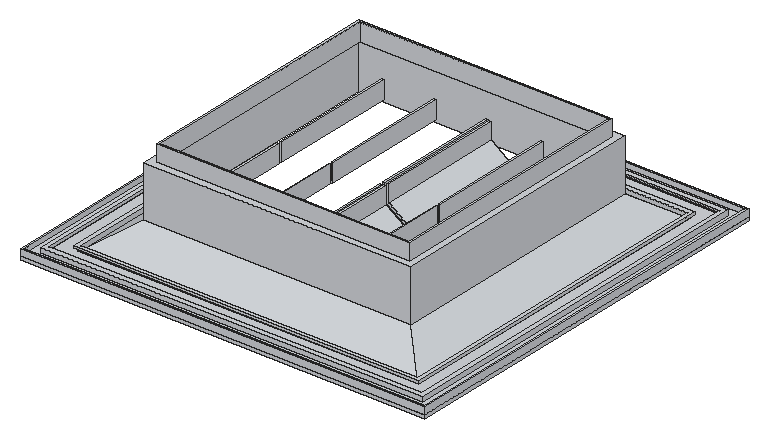
Revit family "QC-MS-2WAY-OPPOSITE", category Generic Models, Revit 2018
Family settings
  Can host rebar = No
  Round Connector Dimension = Use Diameter
  Part Type = Normal
  Work Plane-Based = No
  Always vertical = Yes
  Cut with Voids When Loaded = No
  Shared = No
  Room Calculation Point = No
Parameters (values of type "QC-MS-08X08-2WAY OPPOSITE")
  Thickness = 0' - 0 7/128"  # constant formula
  SPACER = 0' - 1 1/2"  # constant formula
  NOMINAL DUCT WID = 0' - 8"
  NOMINAL DUCT HI = 0' - 8"
  Model = "QC-MS"
  Manufacturer = "ANEMOSTAT PRODUCTS"
  BLADES = 3
  FRAMEGAP = 0' 0 1/4" / 2  # 0' - 0 1/8"
  FACEPLATE = 0' 3 3/4" / 2  # 0' - 1 7/8"
  F9 = 35.20°  # constant formula
  F8 = 0' - 0 49/256"  # constant formula
  F7 = 0' - 0 7/64"  # constant formula
  F6 = 0' - 0 51/256"  # constant formula
  F5 = 0' - 0 133/256"  # constant formula
  F4 = 0' - 1 15/32"  # constant formula
  F3 = 0' - 0 3/4"  # constant formula
  F2 = 0' - 1 9/128"  # constant formula
  F12 = 0' - 0 33/256"  # constant formula
  F11 = 0' - 0 9/32"  # constant formula
  F10 = 0' - 0 25/64"  # constant formula
  F1 = 0' - 1"  # constant formula
  Description = "STEEL MODULAR CORE DIFFUSER W/ LATTICE FACE PLATE"
  BLADE4WUP = QC-BLADE : QC-BLADE
  BLADE4WR = QC-BLADE : QC-BLADE
  BLADE4WLEFT = QC-BLADE : QC-BLADE
  BLADE4WDOWN = QC-BLADE : QC-BLADE
  BLADE4WAY = NOMINAL DUCT HI / 2.15  # 0' - 3.72093"
Types (11): name | NOMINAL DUCT WID | NOMINAL DUCT HI | BLADES | BLADE4WAY
  (no name) | 0' - 8" | 0' - 8" | 3 | 0' - 3.72093"
  QC-MS-06X06-2WAY OPPOSITE | 0' - 6" | 0' - 6" | 2 | 0' - 2.7907"
  QC-MS-08X08-2WAY OPPOSITE | 0' - 8" | 0' - 8" | 3 | 0' - 3.72093"
  QC-MS-10X10-2WAY OPPOSITE | 0' - 10" | 0' - 10" | 3 | 0' - 4.65116"
  QC-MS-12X12-2WAY OPPOSITE | 1' - 0" | 1' - 0" | 4 | 0' - 5.5814"
  QC-MS-14X14-2WAY OPPOSITE | 1' - 2" | 1' - 2" | 4 | 0' - 6.51163"
  QC-MS-16X16-2WAY OPPOSITE | 1' - 4" | 1' - 4" | 5 | 0' - 7.44186"
  QC-MS-18X18-2WAY OPPOSITE | 1' - 6" | 1' - 6" | 6 | 0' - 8.37209"
  QC-MS-20X20-2WAY OPPOSITE | 1' - 8" | 1' - 8" | 6 | 0' - 9.30233"
  QC-MS-22X22-2WAY OPPOSITE | 1' - 10" | 1' - 10" | 7 | 0' - 10.23256"
  QC-MS-24X24-2WAY OPPOSITE | 2' - 0" | 2' - 0" | 8 | 0' - 11.16279"
Reference planes (in)
  plane 1 "Center (Front/Back)": y = 0
  plane 2: z = 0
  plane 3 "Center (Left/Right)": x = 0
  plane 4: x = -4
  plane 5: x = 4
  plane 6: z = 0.75
  plane 7: z = 2.21875
  plane 8: x = -5.07031
  plane 9: x = -6.07031
  plane 10: x = -3.875
  plane 11: x = 3.875
  plane 12: z = 2.73828
  plane 13: x = -3.67578
  plane 14: y = 4
  plane 15: y = -4
  plane 16: y = 3.875
  plane 17: y = -3.875
  plane 18: x = 0.05469
  plane 19: x = -0.05469
  plane 20: y = 0.05469
  plane 21: y = -0.05469
  plane 22: z = 1.46875
Forms (in)
  Extrusion 1, solid
    sketch origin (0, 0, 0) x (1, 0, 0) y (0, 1, 0)
      loop
        line (5.875, 5.875) -> (-5.875, 5.875) -> (-5.875, -5.875) -> (5.875, -5.875) -> (5.875, 5.875)
    from 0 to 0.10938
  Sweep 2, solid
    path in 3D
      loop
        line (-5.875, -5.875, 0.10937) -> (5.875, -5.875, 0.10937) -> (5.875, 5.875, 0.10937) -> (-5.875, 5.875, 0.10937) -> (-5.875, -5.875, 0.10937)
    profile origin (-5.875, 0, 0.10937) x (1, 0, 0) y (0, 0, 1)
      loop
        line (0, 0) -> (1.0078, 0) -> (2.05469, 0.7385) -> (2.05469, 2.20725) -> (2.25391, 2.20725) -> (2.25391, 2.72678) -> (2.19922, 2.72678) -> (2.19922, 2.26194) -> (2, 2.26194) -> (2, 0.76685) -> (0.98437, 0.0504) -> (0.98437, 0.19141) -> (0.85547, 0.19141) -> (0.85547, 0.12679) -> (0.92969, 0.12679) -> (0.92969, 0.05469) -> (0.39062, 0.05469) -> (0.39062, 0.12679) -> (0.46484, 0.12679) -> (0.46484, 0.19141) -> (0.33594, 0.19141) -> (0.33594, 0.05469) -> (0.05469, 0.05469) -> (0.05469, 0.19141) -> (0, 0.19141) -> (0, 0)
  Extrusion 3, void
    sketch origin (0, 0, 0) x (1, 0, 0) y (0, 1, 0)
      loop
        line (-5.01953, 5.01953) -> (-5.01953, -5.01953) -> (5.01953, -5.01953) -> (5.01953, 5.01953) -> (-5.01953, 5.01953)
    from 0 to 0.10938
Cuts and joins
  Extrusion 3 cuts Extrusion 1
  Extrusion 3 cuts Sweep 2
Lines and regions (in)
  sketch lines
    curve 1: line (-5.875, 5.875, 0.10937) -> (-5.875, -5.875, 0.10937)
    curve 2: line (-5.875, -5.875, 0.10937) -> (5.875, -5.875, 0.10937)
    curve 3: line (5.875, -5.875, 0.10937) -> (5.875, 5.875, 0.10937)
    curve 4: line (5.875, 5.875, 0.10937) -> (-5.875, 5.875, 0.10937)
Dimensions and locks (in)
  equal spacing: plane 5, plane 3 "Center (Left/Right)", plane 4
  "NOMINAL DUCT WID": plane 5 to plane 4
  "F3": plane 6 to level
  "F4": plane 7 to plane 6
  "F2": plane 4 to plane 8
  "F1": plane 8 to plane 9
  "FRAMEGAP": plane 10 to plane 4
  "FRAMEGAP": plane 5 to plane 11
  "F5": plane 12 to plane 7
  "F6": plane 13 to plane 10
  equal spacing: plane 14, plane 1 "Center (Front/Back)", plane 15
  "NOMINAL DUCT HI": plane 14 to plane 15
  plane 4 to plane 5 = 0' - 8"
  "FRAMEGAP": plane 14 to plane 16
  "FRAMEGAP": plane 17 to plane 15
  "FACEPLATE": plane 5 to Extrusion 1 sketch curve
  "FACEPLATE": Extrusion 1 sketch curve to plane 15
  "FACEPLATE": Extrusion 1 sketch curve to plane 4
  "FACEPLATE": Extrusion 1 sketch curve to plane 14
  "Thickness": Sweep 2 sketch curve to Sweep 2 sketch curve  (x7)
  "F5": Sweep 2 sketch curve to Sweep 2 sketch curve
  Sweep 2 sketch curve to Sweep 2 sketch curve = 0' - 1 15/32"
  Sweep 2 sketch curve to Extrusion 1 = 0' - 0.7385"
  Sweep 2 sketch curve to Sweep 2 sketch curve = 0' - 0 63/64"
  "F8": Sweep 2 sketch curve to Extrusion 1  (x3)
  "F4": Sweep 2 sketch curve to Sweep 2 sketch curve
  "F2": Sweep 2 sketch curve to Sweep 2 sketch curve
  "Thickness": Sweep 2 sketch curve to Extrusion 1
  "F10": Sweep 2 sketch curve to Sweep 2 sketch curve
  "F11": Sweep 2 sketch curve to Sweep 2 sketch curve
  "F12": Sweep 2 sketch curve to Sweep 2 sketch curve  (x2)
  "F6": Sweep 2 sketch curve to Sweep 2 sketch curve
  equal spacing: plane 19, plane 3 "Center (Left/Right)", plane 18
  equal spacing: plane 21, plane 1 "Center (Front/Back)", plane 20
  "F7": plane 19 to plane 18
  "F7": plane 20 to plane 21
  "F4": plane 22 to level
  equal spacing: group 4, group 5, group 9  (x3)
  equal spacing: group 3, group 6, group 10  (x3)
  equal spacing: group 11, group 7, group 2
  equal spacing: group 2, group 7, group 11  (x2)
  equal spacing: group 12, group 8, group 1
  equal spacing: group 1, group 8, group 12  (x2)
  "F9": angle Extrusion 1 to Sweep 2 sketch curve  (x2)
  aligned and locked: plane 2 to level
  aligned and locked: Sweep 2 sketch curve to Extrusion 1  (x2)
  aligned and locked: Extrusion 3 sketch curve to cut or joined group of Sweep 2, Extrusion 3  (x4)
  aligned and locked: nested 4 to plane 22
  aligned and locked: nested 1 to plane 22
  aligned and locked: nested 2 to plane 18
  aligned and locked: nested 4 to plane 18
  aligned and locked: nested 4 to plane 21
  aligned and locked: nested 2 to plane 20
  aligned and locked: nested 3 to plane 19
  aligned and locked: nested 3 to nested 2
  aligned and locked: nested 1 to plane 19
  aligned and locked: nested 1 to plane 21
  aligned and locked: nested 2 to plane 22
  aligned and locked: nested 3 to plane 22
  aligned and locked: nested 6 to nested 1
  aligned and locked: nested 7 to nested 1
  aligned and locked: nested 8 to nested 2
Automatic sketch dimensions
  profile plane to Sweep 2 sketch curve = 0' - 0 7/128"
  Sweep 2 sketch curve to Sweep 2 sketch curve = 0' - 0.06462"
  Sweep 2 sketch curve to Sweep 2 sketch curve = 0' - 0.0721"
Nested families (in)
  nested 1: "QC-BLADE" at (-0.05469, -0.05469, 0.19922), type <- "BLADE4WLEFT", type "QC-BLADE"
    with NOMINAL DUCT HI 0' - 7.90698", MIDBLADE 0' - 1.86047", BLADE4WAY 0' - 3.72093"
  nested 2: "QC-BLADE" at (0.05469, 0.05469, 0.19922) x (-1, 0, 0) z (0, 0, 1), type <- "BLADE4WR", type "QC-BLADE"
    with NOMINAL DUCT HI 0' - 7.90698", MIDBLADE 0' - 1.86047", BLADE4WAY 0' - 3.72093"
  nested 3: "QC-BLADE" at (-0.05469, 3.77562, 0.19922), type <- "BLADE4WUP", type "QC-BLADE"
    with NOMINAL DUCT HI 0' - 7.90698", MIDBLADE 0' - 1.86047", BLADE4WAY 0' - 3.72093"
  nested 4: "QC-BLADE" at (0.05469, -3.77562, 0.19922) x (-1, 0, 0) z (0, 0, 1), type <- "BLADE4WDOWN", type "QC-BLADE"
    with NOMINAL DUCT HI 0' - 7.90698", MIDBLADE 0' - 1.86047", BLADE4WAY 0' - 3.72093"
  nested 5: "QC-BLADE" at (1.55469, 0.05469, 0.19922) x (-1, 0, 0) z (0, 0, 1), type <- "BLADE4WR", type "QC-BLADE"
    with NOMINAL DUCT HI 0' - 7.90698", MIDBLADE 0' - 1.86047", BLADE4WAY 0' - 3.72093"
  nested 6: "QC-BLADE" at (1.55469, -3.77562, 0.19922) x (-1, 0, 0) z (0, 0, 1), type <- "BLADE4WDOWN", type "QC-BLADE"
    with NOMINAL DUCT HI 0' - 7.90698", MIDBLADE 0' - 1.86047", BLADE4WAY 0' - 3.72093"
  nested 7: "QC-BLADE" at (-1.55469, -0.05469, 0.19922), type <- "BLADE4WLEFT", type "QC-BLADE"
    with NOMINAL DUCT HI 0' - 7.90698", MIDBLADE 0' - 1.86047", BLADE4WAY 0' - 3.72093"
  nested 8: "QC-BLADE" at (-1.55469, 3.77562, 0.19922), type <- "BLADE4WUP", type "QC-BLADE"
    with NOMINAL DUCT HI 0' - 7.90698", MIDBLADE 0' - 1.86047", BLADE4WAY 0' - 3.72093"
  nested 9: "QC-BLADE" at (3.05469, 0.05469, 0.19922) x (-1, 0, 0) z (0, 0, 1), type <- "BLADE4WR", type "QC-BLADE"
    with NOMINAL DUCT HI 0' - 7.90698", MIDBLADE 0' - 1.86047", BLADE4WAY 0' - 3.72093"
  nested 10: "QC-BLADE" at (3.05469, -3.77562, 0.19922) x (-1, 0, 0) z (0, 0, 1), type <- "BLADE4WDOWN", type "QC-BLADE"
    with NOMINAL DUCT HI 0' - 7.90698", MIDBLADE 0' - 1.86047", BLADE4WAY 0' - 3.72093"
  nested 11: "QC-BLADE" at (-3.05469, -0.05469, 0.19922), type <- "BLADE4WLEFT", type "QC-BLADE"
    with NOMINAL DUCT HI 0' - 7.90698", MIDBLADE 0' - 1.86047", BLADE4WAY 0' - 3.72093"
  nested 12: "QC-BLADE" at (-3.05469, 3.77562, 0.19922), type <- "BLADE4WUP", type "QC-BLADE"
    with NOMINAL DUCT HI 0' - 7.90698", MIDBLADE 0' - 1.86047", BLADE4WAY 0' - 3.72093"
Connectors (in)
  hvac at (0, 0, 2.37131), driven by "NOMINAL DUCT WID", driven by "NOMINAL DUCT HI"
    settings: on cut or joined group of Sweep 2, Extrusion 3, index 1, duct flow 0 CFM, flow factor 0, pres drop 0.00 in-wg, loss coef 0, conn angle 0.00°, conn width 8", conn height 8", conn diameter 24", duct sys type 1, conn prof type 1, flow config 0, flow direction 0, loss method 0, conn ref index -1, conn util no, is conn primary yes, conn desc ""
Definition of nested family "QC-BLADE"
  Parameters (values of type "QC-BLADE")
    Thickness = 0' - 0 7/128"  # constant formula
    NOMINAL DUCT WID = 0' - 6"
    NOMINAL DUCT HI = 0' - 6"
    Model = "QC-MS"
    Manufacturer = "ANEMOSTAT PRODUCTS"
    MIDBLADE = BLADE4WAY / 2  # 0' - 1.41176"
    FRAMEGAP = 0' 0 1/4" / 2  # 0' - 0 1/8"
    FACEPLATE = 0' 3 3/4" / 2  # 0' - 1 7/8"
    F9 = 35.20°  # constant formula
    F8 = 0' - 0 49/256"  # constant formula
    F7 = 0' - 0 7/64"  # constant formula
    F6 = 0' - 0 51/256"  # constant formula
    F5 = 0' - 0 133/256"  # constant formula
    F4 = 0' - 1 15/32"  # constant formula
    F3 = 0' - 0 3/4"  # constant formula
    F2 = 0' - 1 9/128"  # constant formula
    F12 = 0' - 0 33/256"  # constant formula
    F11 = 0' - 0 9/32"  # constant formula
    F10 = 0' - 0 25/64"  # constant formula
    F1 = 0' - 1"  # constant formula
    Description = "BLADE"
    BLADE4WAY = NOMINAL DUCT HI / 2.125  # 0' - 2.82353"
  Reference planes (in)
    plane 1 "Center (Front/Back)": y = 0
    plane 2: z = 0
    plane 3 "Center (Left/Right)": x = 0
    plane 4: x = -3
    plane 5: x = 3
    plane 6: z = 0.75
    plane 7: z = 2.21875
    plane 8: x = -4.07031
    plane 9: x = -5.07031
    plane 10: x = -2.875
    plane 11: x = 2.875
    plane 12: z = 2.73828
    plane 13: x = -2.67578
    plane 14: y = -3
    plane 15: y = -2.875
    plane 16: x = 0
    plane 17: y = -1.41176
  Forms (in)
    Extrusion 1, solid
      sketch origin (0, 0, 0) x (1, 0, 0) y (0, 0, 1)
        loop
          line (0.02734, 1.26953) -> (-0.02734, 1.26953) -> (-0.02734, 0.77835) -> (-1.06956, 0.04315) -> (-1.04297, -0.00502) -> (0.02734, 0.75) -> (0.02734, 1.26953)
      from 0 to 2.82353 <- "BLADE4WAY"
  Dimensions and locks (in)
    equal spacing: plane 5, plane 3 "Center (Left/Right)", plane 4
    "NOMINAL DUCT WID": plane 5 to plane 4
    "F3": plane 6 to level
    "F4": plane 7 to plane 6
    "F2": plane 4 to plane 8
    "F1": plane 8 to plane 9
    "FRAMEGAP": plane 10 to plane 4
    "FRAMEGAP": plane 5 to plane 11
    "F5": plane 12 to plane 7
    "F6": plane 13 to plane 10
    plane 1 "Center (Front/Back)" to plane 14 = 0' - 3"
    plane 4 to plane 5 = 0' - 6"
    "FRAMEGAP": plane 15 to plane 14
    "Thickness": Extrusion 1 sketch curve to Extrusion 1 sketch curve  (x2)
    "F5": Extrusion 1 sketch curve to Extrusion 1 sketch curve
    "F2": Extrusion 1 sketch curve to Extrusion 1 sketch curve
    locked: plane 16 to Extrusion 1 sketch curve at 0.02734
    "MIDBLADE": plane 17 to plane 1 "Center (Front/Back)"
    "F9": angle level to Extrusion 1 sketch curve  (x2)
    aligned and locked: plane 2 to level
    aligned and locked: plane 3 "Center (Left/Right)" to plane 16
  Automatic sketch dimensions
    Extrusion 1 sketch curve to plane 6 = 0' - 0"
    level to Extrusion 1 sketch curve = 0' - 0.04315"
